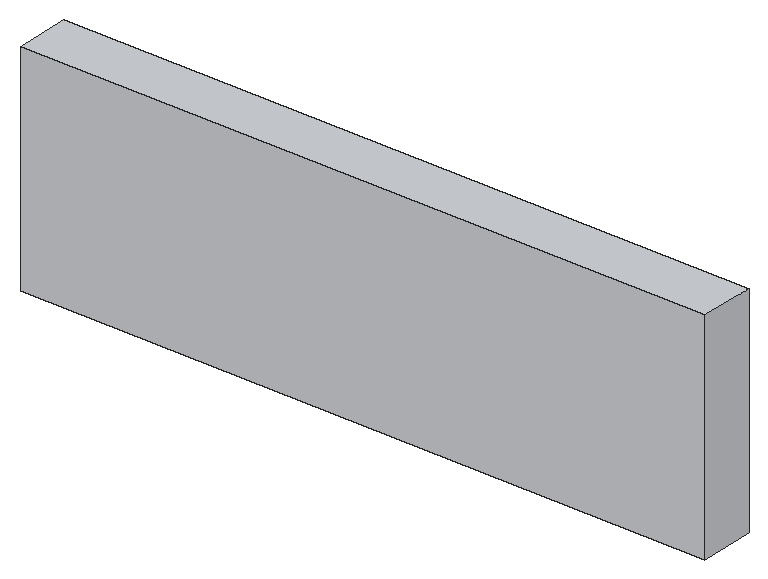
Revit family "Beam_Timber", category Structural Framing, Revit 2026
Family settings
  Display in Hidden Views = Edges Hidden by Other Members
  Section Shape = Not Defined
  Material for Model Behavior = Concrete
  Always export as geometry = No
  Always vertical = Yes
  Cut with Voids When Loaded = No
  Symbolic Representation = From Family
  Shared = No
  Show family pre-cut in plan views = Yes
Parameters (values of type "Beam 200x800 Timber")
  Width = 200 mm
  Length [instance] = 3000 mm
  Height = 800 mm
Types (12, lengths in mm): name | Width | Height
  Beam 200x800 Timber | 200 | 800
  Beam 240x650 | 240 | 650
  Beam 220x1100 | 220 | 1100
  Beam 300x600 | 300 | 600
  Beam 200x515 | 200 | 515
  Beam 220x480 | 220 | 480
  Beam 200x570 | 200 | 570
  Beam 200x420 | 200 | 420
  Beam 200x800 | 200 | 800
  Beam 250x600 | 250 | 600
  Beam 200x500 | 200 | 500
  Beam 200x520 | 200 | 520
Reference planes
  plane 1 "Center (Front/Back)": y = 0
  plane 2 "Center Elevation": z = 0
  plane 3 "Center (Left/Right)": x = 0
  plane 4 "Left": x = -1500
  plane 5 "Member Left": x = -1250
  plane 6 "Stick Symbol Left": x = -1000
  plane 7 "Right": x = 1500
  plane 8 "Member Right": x = 1250
  plane 9 "Stick Symbol Right": x = 1000
  plane 10: y = 125
  plane 11: y = -75
  plane 12: z = 0
  plane 13: z = -300
Forms (mm)
  Extrusion 1, solid, detail levels medium+fine
    sketch origin (0, 25, -150) x (0, 1, 0) y (0, 0, 1)
      loop
        line (100, 650) -> (-100, 650) -> (-100, -150) -> (100, -150) -> (100, 650)
    from -1250 to 1250
Dimensions and locks
  equal spacing: plane 4 "Left", plane 3 "Center (Left/Right)", plane 7 "Right"
  "Length": plane 4 "Left" to plane 7 "Right"
  "Height": Extrusion 1 to Extrusion 1
  "Width": Extrusion 1 to Extrusion 1
  plane 1 "Center (Front/Back)" to Extrusion 1 sketch curve = 75 mm
  aligned and locked: plane 10 to Extrusion 1 sketch curve
  aligned and locked: plane 13 to Extrusion 1 sketch curve
  aligned and locked: plane 5 "Member Left" to Extrusion 1
  aligned and locked: Extrusion 1 to plane 8 "Member Right"
  aligned and locked: level to plane 2 "Center Elevation"
Automatic sketch dimensions
  level to Extrusion 1 sketch curve = 500 mm
